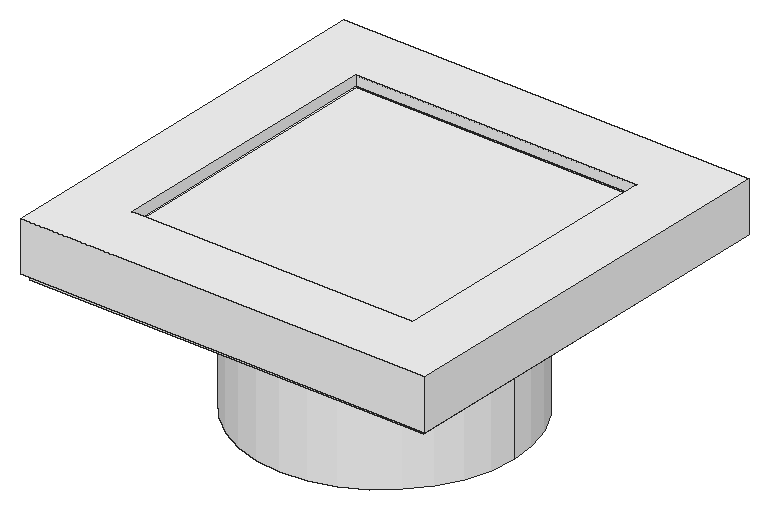
Revit family "Gira_228201", category Electrical Fixtures, host Face, Revit 2017
Family settings
  Host = Face
  Maintain Annotation Orientation = Yes
  Round Connector Dimension = Use Diameter
  Part Type = Normal
  Cut with Voids When Loaded = No
  Shared = No
  Room Calculation Point = No
Parameters (values of type "Lautsprecher UP-Radio RDS System 55 Cremeweiß")
  Zusammenstellung = "Basiselement mit Gehäuse-Oberteil"
  White [instance] = White
  Werkstoffgüte = "sonstige"
  Werkstoff = "sonstige"
  URL = "http://katalog.gira.de/de_DE/datenblatt.html?artikelnr=228201"
  Region = "DE"
  RAL-Nummer (ähnlich) = "1013 "
  Oberfläche = "sonstige"
  Name = "Lautsprecher UP-Radio RDS System 55 Cremeweiß"
  Montageart = "unter Putz"
  Model = "Sys55_Komplettgerät_Schalten und Tasten"
  Manufacturer URL = "https://www.gira.de/"
  HeinzeBIM = "https://bimportal.heinze.de/bim/lautsprecher-up-radio-rds-system-55-cremeweiss/bdd7529753cffb099dc04f9d8e89b025146c0a9b"
  Halogenfrei = "Yes"
  HAN = "228201"
  GTIN = "4010337076230"
  Farbe = "cremeweiß (elektroweiß)"
  Default Elevation = 1219.2 mm
  Data sheet (1) = "https://katalog.gira.de/de_DE/download.html?artikelnr=228201"
  Category = "Elektronik-Gerät für Installationsschalterprogramme"
  Befestigungsart = "Krallen-/Schraubbefestigung"
  Available = "Yes"
  Ausführung der Oberfläche = "glänzend"
  Ausführung = "Radio (*en-EN)"
Reference planes
  plane 1 "Center (Front/Back)": y = 0
  plane 2: z = 0
  plane 3 "Center (Left/Right)": x = 0
Forms (mm)
  Extrusion 1, solid, material "White" <- "White", detail levels medium
    sketch origin (0, 0, 0) x (1, 0, 0) y (0, 1, 0)
      loop
        line (-40.4, 40.4) -> (-40.4, -40.4) -> (40.4, -40.4) -> (40.4, 40.4) -> (-40.4, 40.4)
      loop
        line (-28, 28) -> (-28, -28) -> (28, -28) -> (28, 28) -> (-28, 28)
    from 0 to 10
  Extrusion 2, solid, material "White" <- "White", detail levels fine
    sketch origin (0, 0, 0) x (1, 0, 0) y (0, 1, 0)
      loop
        line (-40.4, 40.4) -> (-40.4, -40.4) -> (40.4, -40.4) -> (40.4, 40.4) -> (-40.4, 40.4)
      loop
        line (-28, 28) -> (-28, -28) -> (28, -28) -> (28, 28) -> (-28, 28)
    from 0 to 10
  Extrusion 3, void
    sketch origin (0, 0, 0) x (1, 0, 0) y (0, 1, 0)
      loop
        line (-38.4, 38.4) -> (-38.4, -38.4) -> (38.4, -38.4) -> (38.4, 38.4) -> (-38.4, 38.4)
    from 0 to 8
  Extrusion 4, solid, material "White" <- "White", detail levels medium+fine
    sketch origin (0, 0, 0) x (1, 0, 0) y (0, 1, 0)
      loop
        line (-39.4, 39.4) -> (-39.4, -39.4) -> (39.4, -39.4) -> (39.4, 39.4) -> (-39.4, 39.4)
    from 0 to -1
  Extrusion 5, solid, material "White" <- "White", detail levels medium+fine
    sketch origin (0, 0, 0) x (1, 0, 0) y (0, 1, 0)
      loop
        line (-35.5, 35.5) -> (-35.5, -35.5) -> (35.5, -35.5) -> (35.5, 35.5) -> (-35.5, 35.5)
    from -2 to -3
  Extrusion 6, solid, material "White" <- "White", detail levels medium+fine
    sketch origin (0, 0, 0) x (1, 0, 0) y (0, 1, 0)
      loop
        circle (0, 0) r 26
    from 0 to -27.5
  Extrusion 7, solid, material "White" <- "White", detail levels coarse
    sketch origin (0, 0, 0) x (1, 0, 0) y (0, 1, 0)
      loop
        line (-40.4, 40.4) -> (-40.4, -40.4) -> (40.4, -40.4) -> (40.4, 40.4) -> (-40.4, 40.4)
    from -27.5 to 10
Cuts and joins
  Extrusion 3 cuts Extrusion 2
Dimensions and locks
  aligned and locked: plane 2 to host face
  aligned and locked: level to host face
  aligned and locked: plane 3 "Center (Left/Right)" to nested 2
  aligned and locked: plane 1 "Center (Front/Back)" to nested 2
Nested families
  nested 1: "Sys55_Abdeckung_Schalten und Tasten_floor_base" at (0, 0, 0), type "Sys55_Abdeckung_Schalten und Tasten_floor_base"
  nested 2: "Schalter" at (0, 0, 0), type "Schalter"
Connectors
  electrical at (0, 0, -27.5)
    settings: on Extrusion 6, index 1, voltage 220 V, apparent load 0 VA, apparent load phase1 0 VA, apparent load phase2 0 VA, apparent load phase3 0 VA, power factor 1, load classification "Other", number of poles 1, system type 30, power factor state 1, is connector primary yes, connector utility no, sub classification motor no, connector description ""
Definition of nested family "Sys55_Abdeckung_Schalten und Tasten_floor_base"
  Parameters
    Default Elevation = 1219.2 mm
    White [instance] = none
  Reference planes
    plane 1 "Center (Front/Back)": y = 0
    plane 2: z = 0
    plane 3 "Center (Left/Right)": x = 0
  Forms (mm)
    Extrusion 1, solid
      sketch origin (0, 0, 0) x (1, 0, 0) y (0, 1, 0)
        loop
          line (-1219.2, 1219.2) -> (-1219.2, -1219.2) -> (1219.2, -1219.2) -> (1219.2, 1219.2) -> (-1219.2, 1219.2)
      from 0 to -304.8
    Extrusion 2, solid, material <- "White", detail levels fine
      sketch origin (0, 0, 0) x (1, 0, 0) y (0, 1, 0)
        loop
          line (-27.5, 27.5) -> (-27.5, -27.5) -> (27.5, -27.5) -> (27.5, 27.5) -> (-27.5, 27.5)
      from 0 to 8
    Extrusion 3, void
      sketch origin (0, 0, 0) x (1, 0, 0) y (0, 1, 0)
        loop
          line (26, 26) -> (-26, 26) -> (-26, -26) -> (26, -26) -> (26, 26)
      from 0 to 6
    Extrusion 4, solid, material <- "White", detail levels medium
      sketch origin (0, 0, 0) x (1, 0, 0) y (0, 1, 0)
        loop
          line (-27.5, 27.5) -> (-27.5, -27.5) -> (27.5, -27.5) -> (27.5, 27.5) -> (-27.5, 27.5)
      from 0 to 8
    Extrusion 5, solid, material <- "White", detail levels medium
      sketch origin (0, 0, 0) x (1, 0, 0) y (0, 1, 0)
        loop
          line (11, -17.5) -> (11, 17.5) -> (-11, 17.5) -> (-11, -17.5) -> (11, -17.5)
      from -6 to 6
    Extrusion 6, solid, material <- "White", detail levels fine
      sketch origin (0, 0, 0) x (1, 0, 0) y (0, 1, 0)
        loop
          line (11, 17.5) -> (-11, 17.5) -> (-11, 16.5) -> (11, 16.5) -> (11, 17.5)
        loop
          line (-11, -16.5) -> (-11, -17.5) -> (11, -17.5) -> (11, -16.5) -> (-11, -16.5)
      from -4 to 6
    Extrusion 7, solid, material <- "White", detail levels fine
      sketch origin (0, 0, 0) x (1, 0, 0) y (0, 1, 0)
        loop
          arc (5, 9.347) -> (0, 10.6) -> (-5, 9.347) r 10.6
          line (-5, 9.347) -> (-5, -9.347)
          arc (-5, -9.347) -> (0, -10.6) -> (5, -9.347) r 10.6
          line (5, -9.347) -> (5, 9.347)
      from -6 to 6
    Extrusion 8, solid, material <- "White", detail levels coarse
      sketch origin (0, 0, 0) x (1, 0, 0) y (0, 1, 0)
        loop
          line (-27.5, 27.5) -> (-27.5, -27.5) -> (27.5, -27.5) -> (27.5, 27.5) -> (-27.5, 27.5)
      from -6 to 8
  Cuts and joins
    Extrusion 3 cuts Extrusion 2
  Dimensions and locks
    aligned and locked: plane 2 to Extrusion 1
    aligned and locked: level to Extrusion 1
Definition of nested family "Schalter"
  Reference planes
    plane 1: y = 0
    plane 2: x = 0
  Lines and regions (mm)
    detail lines
      curve 1: circle (1.375, 2.778, 0) r 0.8 normal (0, 0, 1)
      curve 2: line (1.021, 2.061, 0) -> (0, 0, 0)
      curve 3: line (0, 0, 0) -> (-0.538, 0.266, 0)
  Dimensions and locks
    curve 2 to curve 2 = 2.3 mm
    curve 3 to curve 2 = 0.6 mm
    radius of curve 1 = 0.8 mm
